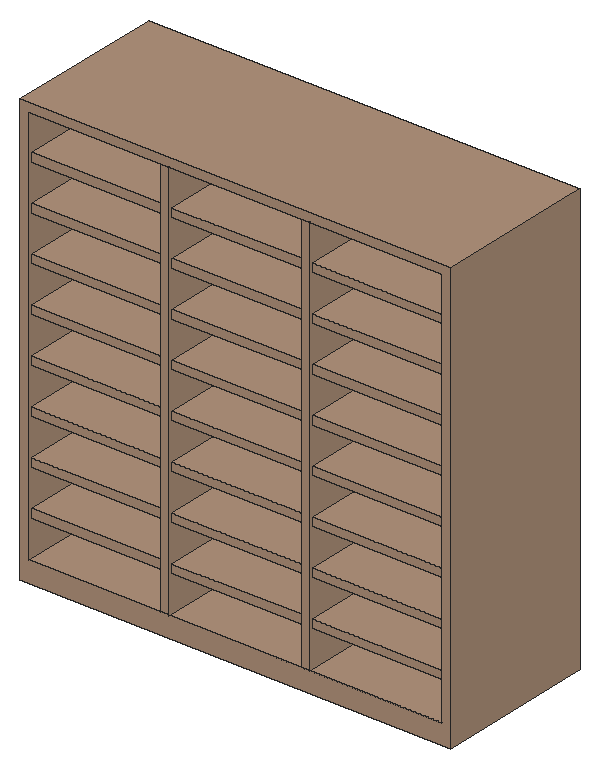
Revit family "Wall_Cabinets-Teknion-RHWP_Pigeonhole_Wall_Cabinet-R2018", category Furniture, Revit 2018
Family settings
  OmniClass Number = 23.40.20.00
  OmniClass Title = General Furniture and Specialties
  Work Plane-Based = No
  Always vertical = Yes
  Cut with Voids When Loaded = No
  Shared = Yes
  Room Calculation Point = No
Parameters (values of type "Laminate Horizontal")
  Width [instance] = 36.000"
  Warranty = "http://www.teknion.com/ca/papers/legal-canada"
  Vertical Shelf Spacing [instance] = if(Width = 12.000", 3.066", if(Width = 15.000", 2.874", if(Width = 18.000", 3.624", if(Width = 21.000", 3.359", if(Width = 24.000", 3.182", if(Width = 27.000", 3.682", if(Width = 30.000", 3.485", if(Width = 33.000", 3.337", 3.221"))))))))  # 3.221"
  Vertical Divider Cutout [instance] = if(Vertical Divider for Horizontal Shelf, 40.000", 1.000")  # 1.000"
  Vertical Divider for Horizontal Shelf [instance] = and(Horizontal Shelf, or(Width = 21.000", Width = 24.000", Width = 27.000", Width = 30.000"))  # no
  Unit Weight URL = "http://www.teknion.com/ca/tools/assets#&asset=bee6a381-b954-425e-8283-5a2de3a804f2,f828d448-4b62-4231-9e5f-9a8991c0ed77"
  URL = "www.teknion.com"
  Two Rows Vertical Shelves [instance] = and(Laminate Vertical, Height = 30.000")  # no
  Top Height [instance] = if(Height = 36.000", 90.000", 84.000")  # 90.000"
  To render please download texture images found here = "https://assets.teknion.com/web/5e81352c1dfdb467/revit-material-swatches/"
  Three Rows Vertical Shelves [instance] = and(Laminate Vertical, Height = 36.000")  # no
  Sustainability Data = "https://www.teknion.com/ca/tools/assets#&topic=216f99a5-57a0-44fc-b10a-9dee9b29ae4c&asset=444deb64-fe58-4b68-981e-f75e97781df7,b4ff2d81-9f2e-437d-9659-7cffb09c31cf"
  Shelf Finish = Source Laminate - Teknion - 3M - Provincial Oak
  Number of Vertical Shelves [instance] = if(Width = 12.000", 2, (if(Width = 15.000", 3, if(Width = 18.000", 3, if(Width = 21.000", 4, if(Width = 24.000", 5, if(Width = 27.000", 5, if(Width = 30.000", 6, if(Width = 33.000", 7, if(Width = 36.000", 8, 2))))))))))  # 8
  Material Note = if(and(Horizontal Shelf, not(Laminate Horizontal)), "Shelf Finish must be Metal Finish coordinated with Case Finish", "Shelf Finish must match Case Finish")  # "Shelf Finish must match Case Finish"
  Laminate Vertical = no
  Laminate Horizontal = yes
  Horizontal Shelf = yes
  36 Shelf Spacing [instance] = if(Laminate Horizontal, 3.110", 3.453")  # 3.110"
  36 Shelf [instance] = and(not([30 Shelf]), Horizontal Shelf)  # yes
  Shelf Thickness [instance] = if(Laminate Horizontal, 0.701", 0.315")  # 0.701"
  Series = "Modular Cabinets"  # constant formula
  Product Page URL = "https://www.teknion.com/ca/products/product-details?productLineId=217e336e-8e7a-673b-a6c8-ff00004460c4"
  Product Line = "Modular Cabinets"  # constant formula
  Product Documentation Link = "https://www.teknion.com/pricing/modular-cabinets/pdfs/RHWP_ppg.pdf"
  Part Number = "RHWP"  # constant formula
  Model = "RHWPH15____"
  Manufacturer Phone = "416-661-3370"  # constant formula
  Manufacturer Fax = "416.661.4586"  # constant formula
  Manufacturer Contact Information = "http://www.teknion.com/ca/contactus"
  Manufacturer Address = "1150 Flint Road, Toronto, ON. M3J 2J5. Canada"  # constant formula
  Manufacturer = "Teknion"  # constant formula
  How To Use Teknion Materials User Guide = "https://assets.teknion.com/m/205dd0a49fa58060/original/How-to-add-a-Material-Library-and-Texture-Images-to-your-Revit-project.pdf"
  Height [instance] = 36.000"
  For Additional Finishes please visit = "https://assets.teknion.com/m/44a8009b046e5d47/original/Teknion_Materials_Library.zip"
  Description = "Pigeonhole Wall Cabinet, Laminate Horizontal Divider Direction, 15\" Depth"
  Case Finish = Source Laminate - Teknion - 3M - Provincial Oak
  Available Widths [instance] = "12, 15, 18, 21, 24, 27, 30, 33,and 36 Inches"  # constant formula
  Available Heights [instance] = "30, and 36 Inches"  # constant formula
  Assembly Code = "E2020200"
  30 Shelf Spacing [instance] = if(Laminate Horizontal, 3.342", 3.673")  # 3.342"
  30 Shelf [instance] = and(Height = 30.000", Horizontal Shelf)  # no
  2 Vertical Divider for Horizontal Shelf [instance] = and(Horizontal Shelf, or(Width = 33.000", Width = 36.000"))  # yes
  2 Vertical Divider Cutout [instance] = if([2 Vertical Divider for Horizontal Shelf], 40.000", 1.000")  # 40.000"
Types (4): name | Two Rows Vertical Shelves | Top Height | Shelf Finish | Material Note | Laminate Vertical | Laminate Horizontal | Horizontal Shelf | 36 Shelf Spacing | 36 Shelf | Shelf Thickness | Model | Height | Description | 30 Shelf Spacing | 30 Shelf | 2 Vertical Divider for Horizontal Shelf | 2 Vertical Divider Cutout
  (no name) | no | 90.000" | Source Laminate - Teknion - 3M - Provincial Oak | "Shelf Finish must match Case Finish" | no | yes | yes | 3.110" | yes | 0.701" | "RHWPH15____" | 36.000" | "Pigeonhole Wall Cabinet, Laminate Horizontal Divider Direction, 15\" Depth" | 3.342" | no | yes | 40.000"
  Laminate Horizontal | no | 90.000" | Source Laminate - Teknion - 3M - Provincial Oak | "Shelf Finish must match Case Finish" | no | yes | yes | 3.110" | yes | 0.701" | "RHWPH15____" | 36.000" | "Pigeonhole Wall Cabinet, Laminate Horizontal Divider Direction, 15\" Depth" | 3.342" | no | yes | 40.000"
  Metal Horizontal | no | 84.000" | Paint - Teknion - Mica - Sepia Bronze | "Shelf Finish must be Metal Finish coordinated with Case Finish" | no | no | yes | 3.453" | no | 0.315" | "RHWPM15____" | 30.000" | "Pigeonhole Wall Cabinet, Metal Horizontal Divider Direction, 15\" Depth" | 3.673" | yes | yes | 40.000"
  Laminate Vertical | yes | 84.000" | Source Laminate - Teknion - 3M - Provincial Oak | "Shelf Finish must match Case Finish" | yes | no | no | 3.453" | no | 0.315" | "RHWPV15____" | 30.000" | "Pigeonhole Wall Cabinet, Laminate Vertical Divider Direction, 15\" Depth" | 3.673" | no | no | 1.000"
Reference planes (in)
  plane 1 "Center Front/Back": y = 0
  plane 2: z = 0
  plane 3 "Center Left/Right": x = 0
  plane 4 "Left": x = -18
  plane 5 "Right": x = 18
  plane 6 "Back": y = 7.5
  plane 7 "Front": y = -7.5
  plane 8 "Top": z = 90
  plane 9: y = -5.97244
  plane 10: z = 54
  plane 11: z = 55.70079
  plane 12: x = -17.64961
  plane 13: x = 17.64961
  plane 14: x = -5.8832
  plane 15: x = 5.8832
Forms (in)
  Sweep 1, solid, material "Source Laminate - Teknion - 3M - Provincial Oak" <- "Case Finish"
    path origin (0, 0, 0) x (1, 0, 0) y (0, 1, 0)
      loop
        line (0, -5.97244) -> (0, 7.5)
    profile origin (0, 0.76378, 0) x (-1, 0, 0) y (0, 0, 1)
      loop
        line (18, 90) -> (-18, 90) -> (-18, 54) -> (18, 54) -> (18, 90)
      loop
        line (17.29921, 89.29921) -> (-17.29921, 89.29921) -> (-17.29921, 55.70079) -> (17.29921, 55.70079) -> (17.29921, 89.29921)
  Sweep 2, void
    path origin (0, 0, 0) x (1, 0, 0) y (0, 0, 1)
      loop
        line (0, 54) -> (0, 54.96457)
    profile origin (0, 0, 54.48228) x (-1, 0, 0) y (0, -1, 0)
      loop
        line (17.29921, 1.97244) -> (-17.29921, 1.97244) -> (-17.29921, -6.799) -> (17.29921, -6.799) -> (17.29921, 1.97244)
  Sweep 3, solid, material "Source Laminate - Teknion - 3M - Provincial Oak" <- "Case Finish"
    path origin (0, 0, 0) x (1, 0, 0) y (0, 1, 0)
      loop
        line (0, 6.799) -> (0, 7.5)
    profile origin (0, 7.1495, 0) x (-1, 0, 0) y (0, 0, 1)
      loop
        line (18, 90) -> (-18, 90) -> (-18, 54) -> (18, 54) -> (18, 90)
  Sweep 4, solid, material "Source Laminate - Teknion - 3M - Provincial Oak" <- "Shelf Finish", visible <- "30 Shelf"
    path origin (0, 0, 0) x (1, 0, 0) y (0, 1, 0)
      loop
        line (0, -5.77559) -> (0, 6.799)
    profile origin (0, 0.5117, 0) x (-1, 0, 0) y (0, 0, 1)
      loop
        line (-17.29921, 79.95879) -> (-17.29921, 79.25779) -> (17.29921, 79.25779) -> (17.29921, 79.95879) -> (-17.29921, 79.95879)
      loop
        line (-17.29921, 75.91579) -> (-17.29921, 75.21479) -> (17.29921, 75.21479) -> (17.29921, 75.91579) -> (-17.29921, 75.91579)
      loop
        line (-17.29921, 71.87279) -> (-17.29921, 71.17179) -> (17.29921, 71.17179) -> (17.29921, 71.87279) -> (-17.29921, 71.87279)
      loop
        line (-17.29921, 67.82979) -> (-17.29921, 67.12879) -> (17.29921, 67.12879) -> (17.29921, 67.82979) -> (-17.29921, 67.82979)
      loop
        line (-17.29921, 63.78679) -> (-17.29921, 63.08579) -> (17.29921, 63.08579) -> (17.29921, 63.78679) -> (-17.29921, 63.78679)
      loop
        line (-17.29921, 59.74379) -> (-17.29921, 59.04279) -> (17.29921, 59.04279) -> (17.29921, 59.74379) -> (-17.29921, 59.74379)
  Sweep 5, solid, material "Source Laminate - Teknion - 3M - Provincial Oak" <- "Shelf Finish", visible <- "36 Shelf"
    path origin (0, 0, 0) x (1, 0, 0) y (0, 1, 0)
      loop
        line (0, -5.77559) -> (0, 6.799)
    profile origin (0, 0.5117, 0) x (-1, 0, 0) y (0, 0, 1)
      loop
        line (17.29921, 58.81079) -> (17.29921, 59.51179) -> (-17.29921, 59.51179) -> (-17.29921, 58.81079) -> (17.29921, 58.81079)
      loop
        line (17.29921, 62.62179) -> (17.29921, 63.32279) -> (-17.29921, 63.32279) -> (-17.29921, 62.62179) -> (17.29921, 62.62179)
      loop
        line (17.29921, 66.43279) -> (17.29921, 67.13379) -> (-17.29921, 67.13379) -> (-17.29921, 66.43279) -> (17.29921, 66.43279)
      loop
        line (17.29921, 70.24379) -> (17.29921, 70.94479) -> (-17.29921, 70.94479) -> (-17.29921, 70.24379) -> (17.29921, 70.24379)
      loop
        line (17.29921, 74.05479) -> (17.29921, 74.75579) -> (-17.29921, 74.75579) -> (-17.29921, 74.05479) -> (17.29921, 74.05479)
      loop
        line (17.29921, 77.86579) -> (17.29921, 78.56679) -> (-17.29921, 78.56679) -> (-17.29921, 77.86579) -> (17.29921, 77.86579)
      loop
        line (17.29921, 81.67679) -> (17.29921, 82.37779) -> (-17.29921, 82.37779) -> (-17.29921, 81.67679) -> (17.29921, 81.67679)
      loop
        line (17.29921, 85.48779) -> (17.29921, 86.18879) -> (-17.29921, 86.18879) -> (-17.29921, 85.48779) -> (17.29921, 85.48779)
  Sweep 6, solid, material "Source Laminate - Teknion - 3M - Provincial Oak" <- "Case Finish", visible <- "Vertical Divider for Horizontal Shelf"
    path origin (0, 0, 0) x (1, 0, 0) y (0, 1, 0)
      loop
        line (0, -5.97244) -> (0, 6.799)
    profile origin (0, 0.41328, 0) x (-1, 0, 0) y (0, 0, 1)
      loop
        line (0.35039, 89.29921) -> (-0.35039, 89.29921) -> (-0.35039, 55.70079) -> (0.35039, 55.70079) -> (0.35039, 89.29921)
  Sweep 7, solid, material "Source Laminate - Teknion - 3M - Provincial Oak" <- "Case Finish", visible <- "2 Vertical Divider for Horizontal Shelf"
    path origin (0, 0, 0) x (1, 0, 0) y (0, 1, 0)
      loop
        line (0, -5.97244) -> (0, 6.799)
    profile origin (0, 0.41328, 0) x (-1, 0, 0) y (0, 0, 1)
      loop
        line (-5.53281, 89.29921) -> (-6.2336, 89.29921) -> (-6.2336, 55.70079) -> (-5.53281, 55.70079) -> (-5.53281, 89.29921)
      loop
        line (6.2336, 89.29921) -> (5.53281, 89.29921) -> (5.53281, 55.70079) -> (6.2336, 55.70079) -> (6.2336, 89.29921)
  Sweep 8, void
    path origin (0, -7.5, 0) x (-1, 0, 0) y (0, 0, 1)
      loop
        line (0, 54) -> (0, 55)
    profile origin (0, -7.5, 54.5) x (-1, 0, 0) y (0, -1, 0)
      loop
        line (0.35039, -14.299) -> (0.35039, -1.52756) -> (-0.35039, -1.52756) -> (-0.35039, -14.299) -> (0.35039, -14.299)
  Sweep 9, void
    path origin (0, -7.5, 0) x (-1, 0, 0) y (0, 0, 1)
      loop
        line (0, 54) -> (0, 94)
    profile origin (0, -7.5, 74) x (-1, 0, 0) y (0, -1, 0)
      loop
        line (6.2336, -14.299) -> (6.2336, -1.52756) -> (5.53281, -1.52756) -> (5.53281, -14.299) -> (6.2336, -14.299)
      loop
        line (-5.53281, -14.299) -> (-5.53281, -1.52756) -> (-6.2336, -1.52756) -> (-6.2336, -14.299) -> (-5.53281, -14.299)
  Sweep 10, solid, material "Source Laminate - Teknion - 3M - Provincial Oak" <- "Shelf Finish", visible <- "Three Rows Vertical Shelves"
    path origin (-0.00035, 0, 0) x (1, 0, 0) y (0, 1, 0)
      loop
        line (-13.72747, -5.77559) -> (-13.72747, 6.799)
    profile origin (-13.72782, 0.5117, 0) x (-1, 0, 0) y (0, 0, 1)
      loop
        line (0.35039, 89.29921) -> (-0.35039, 89.29921) -> (-0.35039, 78.56693) -> (0.35039, 78.56693) -> (0.35039, 89.29921)
      loop
        line (0.35039, 55.70079) -> (0.35039, 66.43307) -> (-0.35039, 66.43307) -> (-0.35039, 55.70079) -> (0.35039, 55.70079)
      loop
        line (0.35039, 77.86614) -> (-0.35039, 77.86614) -> (-0.35039, 67.13386) -> (0.35039, 67.13386) -> (0.35039, 77.86614)
  Sweep 11, solid, material "Source Laminate - Teknion - 3M - Provincial Oak" <- "Shelf Finish", visible <- "Three Rows Vertical Shelves", not visible
    path origin (0, 0, 0) x (1, 0, 0) y (0, 1, 0)
      loop
        line (-13.72747, -5.77559) -> (-13.72747, 6.799)
    profile origin (-13.72747, 0.5117, 0) x (-1, 0, 0) y (0, 0, 1)
      loop
        line (0.35039, 89.29921) -> (-0.35039, 89.29921) -> (-0.35039, 78.56693) -> (0.35039, 78.56693) -> (0.35039, 89.29921)
      loop
        line (0.35039, 55.70079) -> (0.35039, 66.43307) -> (-0.35039, 66.43307) -> (-0.35039, 55.70079) -> (0.35039, 55.70079)
      loop
        line (0.35039, 77.86614) -> (-0.35039, 77.86614) -> (-0.35039, 67.13386) -> (0.35039, 67.13386) -> (0.35039, 77.86614)
  Sweep 12, solid, material "Source Laminate - Teknion - 3M - Provincial Oak" <- "Shelf Finish", visible <- "Three Rows Vertical Shelves"
    path origin (3.92144, 0, 0) x (1, 0, 0) y (0, 1, 0)
      loop
        line (-13.72747, -5.77559) -> (-13.72747, 6.799)
    profile origin (-9.80603, 0.5117, 0) x (-1, 0, 0) y (0, 0, 1)
      loop
        line (0.35039, 89.29921) -> (-0.35039, 89.29921) -> (-0.35039, 78.56693) -> (0.35039, 78.56693) -> (0.35039, 89.29921)
      loop
        line (0.35039, 55.70079) -> (0.35039, 66.43307) -> (-0.35039, 66.43307) -> (-0.35039, 55.70079) -> (0.35039, 55.70079)
      loop
        line (0.35039, 77.86614) -> (-0.35039, 77.86614) -> (-0.35039, 67.13386) -> (0.35039, 67.13386) -> (0.35039, 77.86614)
  Sweep 13, solid, material "Source Laminate - Teknion - 3M - Provincial Oak" <- "Shelf Finish", visible <- "Three Rows Vertical Shelves"
    path origin (7.84323, 0, 0) x (1, 0, 0) y (0, 1, 0)
      loop
        line (-13.72747, -5.77559) -> (-13.72747, 6.799)
    profile origin (-5.88424, 0.5117, 0) x (-1, 0, 0) y (0, 0, 1)
      loop
        line (0.35039, 89.29921) -> (-0.35039, 89.29921) -> (-0.35039, 78.56693) -> (0.35039, 78.56693) -> (0.35039, 89.29921)
      loop
        line (0.35039, 55.70079) -> (0.35039, 66.43307) -> (-0.35039, 66.43307) -> (-0.35039, 55.70079) -> (0.35039, 55.70079)
      loop
        line (0.35039, 77.86614) -> (-0.35039, 77.86614) -> (-0.35039, 67.13386) -> (0.35039, 67.13386) -> (0.35039, 77.86614)
  Sweep 14, solid, material "Source Laminate - Teknion - 3M - Provincial Oak" <- "Shelf Finish", visible <- "Three Rows Vertical Shelves"
    path origin (11.76501, 0, 0) x (1, 0, 0) y (0, 1, 0)
      loop
        line (-13.72747, -5.77559) -> (-13.72747, 6.799)
    profile origin (-1.96246, 0.5117, 0) x (-1, 0, 0) y (0, 0, 1)
      loop
        line (0.35039, 89.29921) -> (-0.35039, 89.29921) -> (-0.35039, 78.56693) -> (0.35039, 78.56693) -> (0.35039, 89.29921)
      loop
        line (0.35039, 55.70079) -> (0.35039, 66.43307) -> (-0.35039, 66.43307) -> (-0.35039, 55.70079) -> (0.35039, 55.70079)
      loop
        line (0.35039, 77.86614) -> (-0.35039, 77.86614) -> (-0.35039, 67.13386) -> (0.35039, 67.13386) -> (0.35039, 77.86614)
  Sweep 15, solid, material "Source Laminate - Teknion - 3M - Provincial Oak" <- "Shelf Finish", visible <- "Three Rows Vertical Shelves"
    path origin (15.6868, 0, 0) x (1, 0, 0) y (0, 1, 0)
      loop
        line (-13.72747, -5.77559) -> (-13.72747, 6.799)
    profile origin (1.95933, 0.5117, 0) x (-1, 0, 0) y (0, 0, 1)
      loop
        line (0.35039, 89.29921) -> (-0.35039, 89.29921) -> (-0.35039, 78.56693) -> (0.35039, 78.56693) -> (0.35039, 89.29921)
      loop
        line (0.35039, 55.70079) -> (0.35039, 66.43307) -> (-0.35039, 66.43307) -> (-0.35039, 55.70079) -> (0.35039, 55.70079)
      loop
        line (0.35039, 77.86614) -> (-0.35039, 77.86614) -> (-0.35039, 67.13386) -> (0.35039, 67.13386) -> (0.35039, 77.86614)
  Sweep 16, solid, material "Source Laminate - Teknion - 3M - Provincial Oak" <- "Shelf Finish", visible <- "Three Rows Vertical Shelves"
    path origin (19.60859, 0, 0) x (1, 0, 0) y (0, 1, 0)
      loop
        line (-13.72747, -5.77559) -> (-13.72747, 6.799)
    profile origin (5.88112, 0.5117, 0) x (-1, 0, 0) y (0, 0, 1)
      loop
        line (0.35039, 89.29921) -> (-0.35039, 89.29921) -> (-0.35039, 78.56693) -> (0.35039, 78.56693) -> (0.35039, 89.29921)
      loop
        line (0.35039, 55.70079) -> (0.35039, 66.43307) -> (-0.35039, 66.43307) -> (-0.35039, 55.70079) -> (0.35039, 55.70079)
      loop
        line (0.35039, 77.86614) -> (-0.35039, 77.86614) -> (-0.35039, 67.13386) -> (0.35039, 67.13386) -> (0.35039, 77.86614)
  Sweep 17, solid, material "Source Laminate - Teknion - 3M - Provincial Oak" <- "Shelf Finish", visible <- "Two Rows Vertical Shelves"
    path origin (0, 0, 0) x (1, 0, 0) y (0, 1, 0)
      loop
        line (-13.72782, -5.77559) -> (-13.72782, 6.799)
    profile origin (-13.72782, 0.5117, 0) x (-1, 0, 0) y (0, 0, 1)
      loop
        line (0.35039, 83.29921) -> (-0.35039, 83.29921) -> (-0.35039, 69.3937) -> (0.35039, 69.3937) -> (0.35039, 83.29921)
      loop
        line (0.35039, 68.69291) -> (-0.35039, 68.69291) -> (-0.35039, 55.70079) -> (0.35039, 55.70079) -> (0.35039, 68.69291)
  Sweep 18, solid, material "Source Laminate - Teknion - 3M - Provincial Oak" <- "Shelf Finish", visible <- "Two Rows Vertical Shelves", not visible
    path origin (0, 0, 0) x (1, 0, 0) y (0, 1, 0)
      loop
        line (-13.72782, -5.77559) -> (-13.72782, 6.799)
    profile origin (-13.72782, 0.5117, 0) x (-1, 0, 0) y (0, 0, 1)
      loop
        line (0.35039, 83.29921) -> (-0.35039, 83.29921) -> (-0.35039, 69.3937) -> (0.35039, 69.3937) -> (0.35039, 83.29921)
      loop
        line (0.35039, 68.69291) -> (-0.35039, 68.69291) -> (-0.35039, 55.70079) -> (0.35039, 55.70079) -> (0.35039, 68.69291)
  Sweep 19, solid, material "Source Laminate - Teknion - 3M - Provincial Oak" <- "Shelf Finish", visible <- "Two Rows Vertical Shelves"
    path origin (3.92179, 0, 0) x (1, 0, 0) y (0, 1, 0)
      loop
        line (-13.72782, -5.77559) -> (-13.72782, 6.799)
    profile origin (-9.80603, 0.5117, 0) x (-1, 0, 0) y (0, 0, 1)
      loop
        line (0.35039, 83.29921) -> (-0.35039, 83.29921) -> (-0.35039, 69.3937) -> (0.35039, 69.3937) -> (0.35039, 83.29921)
      loop
        line (0.35039, 68.69291) -> (-0.35039, 68.69291) -> (-0.35039, 55.70079) -> (0.35039, 55.70079) -> (0.35039, 68.69291)
  Sweep 20, solid, material "Source Laminate - Teknion - 3M - Provincial Oak" <- "Shelf Finish", visible <- "Two Rows Vertical Shelves"
    path origin (7.84357, 0, 0) x (1, 0, 0) y (0, 1, 0)
      loop
        line (-13.72782, -5.77559) -> (-13.72782, 6.799)
    profile origin (-5.88424, 0.5117, 0) x (-1, 0, 0) y (0, 0, 1)
      loop
        line (0.35039, 83.29921) -> (-0.35039, 83.29921) -> (-0.35039, 69.3937) -> (0.35039, 69.3937) -> (0.35039, 83.29921)
      loop
        line (0.35039, 68.69291) -> (-0.35039, 68.69291) -> (-0.35039, 55.70079) -> (0.35039, 55.70079) -> (0.35039, 68.69291)
  Sweep 21, solid, material "Source Laminate - Teknion - 3M - Provincial Oak" <- "Shelf Finish", visible <- "Two Rows Vertical Shelves"
    path origin (11.76536, 0, 0) x (1, 0, 0) y (0, 1, 0)
      loop
        line (-13.72782, -5.77559) -> (-13.72782, 6.799)
    profile origin (-1.96246, 0.5117, 0) x (-1, 0, 0) y (0, 0, 1)
      loop
        line (0.35039, 83.29921) -> (-0.35039, 83.29921) -> (-0.35039, 69.3937) -> (0.35039, 69.3937) -> (0.35039, 83.29921)
      loop
        line (0.35039, 68.69291) -> (-0.35039, 68.69291) -> (-0.35039, 55.70079) -> (0.35039, 55.70079) -> (0.35039, 68.69291)
  Sweep 22, solid, material "Source Laminate - Teknion - 3M - Provincial Oak" <- "Shelf Finish", visible <- "Two Rows Vertical Shelves"
    path origin (15.68715, 0, 0) x (1, 0, 0) y (0, 1, 0)
      loop
        line (-13.72782, -5.77559) -> (-13.72782, 6.799)
    profile origin (1.95933, 0.5117, 0) x (-1, 0, 0) y (0, 0, 1)
      loop
        line (0.35039, 83.29921) -> (-0.35039, 83.29921) -> (-0.35039, 69.3937) -> (0.35039, 69.3937) -> (0.35039, 83.29921)
      loop
        line (0.35039, 68.69291) -> (-0.35039, 68.69291) -> (-0.35039, 55.70079) -> (0.35039, 55.70079) -> (0.35039, 68.69291)
  Sweep 23, solid, material "Source Laminate - Teknion - 3M - Provincial Oak" <- "Shelf Finish", visible <- "Two Rows Vertical Shelves"
    path origin (19.60894, 0, 0) x (1, 0, 0) y (0, 1, 0)
      loop
        line (-13.72782, -5.77559) -> (-13.72782, 6.799)
    profile origin (5.88112, 0.5117, 0) x (-1, 0, 0) y (0, 0, 1)
      loop
        line (0.35039, 83.29921) -> (-0.35039, 83.29921) -> (-0.35039, 69.3937) -> (0.35039, 69.3937) -> (0.35039, 83.29921)
      loop
        line (0.35039, 68.69291) -> (-0.35039, 68.69291) -> (-0.35039, 55.70079) -> (0.35039, 55.70079) -> (0.35039, 68.69291)
  Sweep 24, solid, material "Source Laminate - Teknion - 3M - Provincial Oak" <- "Case Finish", visible <- "Two Rows Vertical Shelves"
    path origin (0, 0, 0) x (1, 0, 0) y (0, 1, 0)
      loop
        line (0, -5.97244) -> (0, 6.799)
    profile origin (0, 0.41328, 0) x (-1, 0, 0) y (0, 0, 1)
      loop
        line (17.29921, 69.3937) -> (-17.29921, 69.3937) -> (-17.29921, 68.69291) -> (17.29921, 68.69291) -> (17.29921, 69.3937)
  Sweep 25, solid, material "Source Laminate - Teknion - 3M - Provincial Oak" <- "Case Finish", visible <- "Three Rows Vertical Shelves"
    path origin (0, 0, 0) x (1, 0, 0) y (0, 1, 0)
      loop
        line (0, 6.799) -> (0, -5.97244)
    profile origin (0, 0.41328, 0) x (1, 0, 0) y (0, 0, 1)
      loop
        line (-17.29921, 78.56693) -> (-17.29921, 77.86614) -> (17.29921, 77.86614) -> (17.29921, 78.56693) -> (-17.29921, 78.56693)
      loop
        line (-17.29921, 67.13386) -> (-17.29921, 66.43307) -> (17.29921, 66.43307) -> (17.29921, 67.13386) -> (-17.29921, 67.13386)
  Sweep 26, solid, material "Source Laminate - Teknion - 3M - Provincial Oak" <- "Shelf Finish", visible <- "Three Rows Vertical Shelves"
    path origin (23.53038, 0, 0) x (1, 0, 0) y (0, 1, 0)
      loop
        line (-13.72747, -5.77559) -> (-13.72747, 6.799)
    profile origin (9.80291, 0.5117, 0) x (-1, 0, 0) y (0, 0, 1)
      loop
        line (0.35039, 89.29921) -> (-0.35039, 89.29921) -> (-0.35039, 78.56693) -> (0.35039, 78.56693) -> (0.35039, 89.29921)
      loop
        line (0.35039, 55.70079) -> (0.35039, 66.43307) -> (-0.35039, 66.43307) -> (-0.35039, 55.70079) -> (0.35039, 55.70079)
      loop
        line (0.35039, 77.86614) -> (-0.35039, 77.86614) -> (-0.35039, 67.13386) -> (0.35039, 67.13386) -> (0.35039, 77.86614)
  Sweep 27, solid, material "Source Laminate - Teknion - 3M - Provincial Oak" <- "Shelf Finish", visible <- "Three Rows Vertical Shelves"
    path origin (27.45216, 0, 0) x (1, 0, 0) y (0, 1, 0)
      loop
        line (-13.72747, -5.77559) -> (-13.72747, 6.799)
    profile origin (13.72469, 0.5117, 0) x (-1, 0, 0) y (0, 0, 1)
      loop
        line (0.35039, 89.29921) -> (-0.35039, 89.29921) -> (-0.35039, 78.56693) -> (0.35039, 78.56693) -> (0.35039, 89.29921)
      loop
        line (0.35039, 55.70079) -> (0.35039, 66.43307) -> (-0.35039, 66.43307) -> (-0.35039, 55.70079) -> (0.35039, 55.70079)
      loop
        line (0.35039, 77.86614) -> (-0.35039, 77.86614) -> (-0.35039, 67.13386) -> (0.35039, 67.13386) -> (0.35039, 77.86614)
  Sweep 28, solid, material "Source Laminate - Teknion - 3M - Provincial Oak" <- "Shelf Finish", visible <- "Two Rows Vertical Shelves"
    path origin (23.53072, 0, 0) x (1, 0, 0) y (0, 1, 0)
      loop
        line (-13.72782, -5.77559) -> (-13.72782, 6.799)
    profile origin (9.80291, 0.5117, 0) x (-1, 0, 0) y (0, 0, 1)
      loop
        line (0.35039, 83.29921) -> (-0.35039, 83.29921) -> (-0.35039, 69.3937) -> (0.35039, 69.3937) -> (0.35039, 83.29921)
      loop
        line (0.35039, 68.69291) -> (-0.35039, 68.69291) -> (-0.35039, 55.70079) -> (0.35039, 55.70079) -> (0.35039, 68.69291)
  Sweep 29, solid, material "Source Laminate - Teknion - 3M - Provincial Oak" <- "Shelf Finish", visible <- "Two Rows Vertical Shelves"
    path origin (27.45251, 0, 0) x (1, 0, 0) y (0, 1, 0)
      loop
        line (-13.72782, -5.77559) -> (-13.72782, 6.799)
    profile origin (13.72469, 0.5117, 0) x (-1, 0, 0) y (0, 0, 1)
      loop
        line (0.35039, 83.29921) -> (-0.35039, 83.29921) -> (-0.35039, 69.3937) -> (0.35039, 69.3937) -> (0.35039, 83.29921)
      loop
        line (0.35039, 68.69291) -> (-0.35039, 68.69291) -> (-0.35039, 55.70079) -> (0.35039, 55.70079) -> (0.35039, 68.69291)
Cuts and joins
  Sweep 2 cuts Sweep 1
  joined: Sweep 1, Sweep 3
  Sweep 8, Sweep 9 cuts Sweep 5
  Sweep 8, Sweep 9 cuts Sweep 4
Lines and regions (in)
  Masking region 1
    outline origin (0, 0, 0) x (1, 0, 0) y (0, 1, 0)
      loop
        line (-18, 7.5) -> (-18, -5.97244) -> (18, -5.97244) -> (18, 7.5) -> (-18, 7.5)
  reference lines
    curve 1: line (18, 7.5, 0) -> (18, -5.97244, 0)
    curve 2: line (-18, 7.5, 0) -> (18, 7.5, 0)
    curve 3: line (-18, 7.5, 0) -> (-18, -5.97244, 0)
    curve 69: line (18, -5.97244, 0) -> (-18, -5.97244, 0)
    curve 70: line (18, -5.97244, 0) -> (-18, -5.97244, 0)
  symbolic lines, style "FurnitureHiddenLines", detail levels medium+fine
    curve 4: line (-17.29921, 6.799, 0) -> (-17.29921, -5.97244, 0)
    curve 5: line (17.29921, 6.799, 0) -> (-17.29921, 6.799, 0)
    curve 6: line (17.29921, 6.799, 0) -> (17.29921, -5.97244, 0)
  symbolic lines, style "FurnitureHiddenLines", detail levels fine
    curve 7: line (-17.29921, -1.97244, 0) -> (17.29921, -1.97244, 0)
  symbolic lines, style "FurnitureHiddenLines", visible <- "Three Rows Vertical Shelves", detail levels medium+fine
    curve 8: line (-14.07821, 6.799, 0) -> (-14.07821, -5.77559, 0)
    curve 9: line (-13.37743, -5.77559, 0) -> (-14.07821, -5.77559, 0)
    curve 10: line (-13.37743, -5.77559, 0) -> (-13.37743, 6.799, 0)
    curve 14: line (-10.15643, 6.799, 0) -> (-10.15643, -5.77559, 0)
    curve 15: line (-9.45564, -5.77559, 0) -> (-10.15643, -5.77559, 0)
    curve 16: line (-9.45564, -5.77559, 0) -> (-9.45564, 6.799, 0)
    curve 17: line (-6.23464, 6.799, 0) -> (-6.23464, -5.77559, 0)
    curve 18: line (-5.53385, -5.77559, 0) -> (-6.23464, -5.77559, 0)
    curve 19: line (-5.53385, -5.77559, 0) -> (-5.53385, 6.799, 0)
    curve 20: line (-2.31285, 6.799, 0) -> (-2.31285, -5.77559, 0)
    curve 21: line (-1.61206, -5.77559, 0) -> (-2.31285, -5.77559, 0)
    curve 22: line (-1.61206, -5.77559, 0) -> (-1.61206, 6.799, 0)
    curve 23: line (1.60894, 6.799, 0) -> (1.60894, -5.77559, 0)
    curve 24: line (2.30972, -5.77559, 0) -> (1.60894, -5.77559, 0)
    curve 25: line (2.30972, -5.77559, 0) -> (2.30972, 6.799, 0)
    curve 26: line (5.53072, 6.799, 0) -> (5.53072, -5.77559, 0)
    curve 27: line (6.23151, -5.77559, 0) -> (5.53072, -5.77559, 0)
    curve 28: line (6.23151, -5.77559, 0) -> (6.23151, 6.799, 0)
    curve 50: line (9.45251, 6.799, 0) -> (9.45251, -5.77559, 0)
    curve 51: line (10.1533, -5.77559, 0) -> (9.45251, -5.77559, 0)
    curve 52: line (10.1533, -5.77559, 0) -> (10.1533, 6.799, 0)
    curve 53: line (13.3743, 6.799, 0) -> (13.3743, -5.77559, 0)
    curve 54: line (14.07509, -5.77559, 0) -> (13.3743, -5.77559, 0)
    curve 55: line (14.07509, -5.77559, 0) -> (14.07509, 6.799, 0)
  symbolic lines, style "FurnitureHiddenLines", visible <- "Three Rows Vertical Shelves", not visible, detail levels medium+fine
    curve 11: line (-14.07787, 6.799, 0) -> (-14.07787, -5.77559, 0)
    curve 12: line (-13.37708, -5.77559, 0) -> (-14.07787, -5.77559, 0)
    curve 13: line (-13.37708, -5.77559, 0) -> (-13.37708, 6.799, 0)
  symbolic lines, style "FurnitureHiddenLines", visible <- "Two Rows Vertical Shelves", detail levels medium+fine
    curve 29: line (-14.07821, 6.799, 0) -> (-14.07821, -5.77559, 0)
    curve 30: line (-13.37743, -5.77559, 0) -> (-14.07821, -5.77559, 0)
    curve 31: line (-13.37743, -5.77559, 0) -> (-13.37743, 6.799, 0)
    curve 35: line (-10.15643, 6.799, 0) -> (-10.15643, -5.77559, 0)
    curve 36: line (-9.45564, -5.77559, 0) -> (-10.15643, -5.77559, 0)
    curve 37: line (-9.45564, -5.77559, 0) -> (-9.45564, 6.799, 0)
    curve 38: line (-6.23464, 6.799, 0) -> (-6.23464, -5.77559, 0)
    curve 39: line (-5.53385, -5.77559, 0) -> (-6.23464, -5.77559, 0)
    curve 40: line (-5.53385, -5.77559, 0) -> (-5.53385, 6.799, 0)
    curve 41: line (-2.31285, 6.799, 0) -> (-2.31285, -5.77559, 0)
    curve 42: line (-1.61206, -5.77559, 0) -> (-2.31285, -5.77559, 0)
    curve 43: line (-1.61206, -5.77559, 0) -> (-1.61206, 6.799, 0)
    curve 44: line (1.60894, 6.799, 0) -> (1.60894, -5.77559, 0)
    curve 45: line (2.30972, -5.77559, 0) -> (1.60894, -5.77559, 0)
    curve 46: line (2.30972, -5.77559, 0) -> (2.30972, 6.799, 0)
    curve 47: line (5.53072, 6.799, 0) -> (5.53072, -5.77559, 0)
    curve 48: line (6.23151, -5.77559, 0) -> (5.53072, -5.77559, 0)
    curve 49: line (6.23151, -5.77559, 0) -> (6.23151, 6.799, 0)
    curve 56: line (9.45251, 6.799, 0) -> (9.45251, -5.77559, 0)
    curve 57: line (10.1533, -5.77559, 0) -> (9.45251, -5.77559, 0)
    curve 58: line (10.1533, -5.77559, 0) -> (10.1533, 6.799, 0)
    curve 59: line (13.3743, 6.799, 0) -> (13.3743, -5.77559, 0)
    curve 60: line (14.07509, -5.77559, 0) -> (13.3743, -5.77559, 0)
    curve 61: line (14.07509, -5.77559, 0) -> (14.07509, 6.799, 0)
  symbolic lines, style "FurnitureHiddenLines", visible <- "Two Rows Vertical Shelves", not visible, detail levels medium+fine
    curve 32: line (-14.07821, 6.799, 0) -> (-14.07821, -5.77559, 0)
    curve 33: line (-13.37743, -5.77559, 0) -> (-14.07821, -5.77559, 0)
    curve 34: line (-13.37743, -5.77559, 0) -> (-13.37743, 6.799, 0)
  symbolic lines, style "FurnitureHiddenLines", visible <- "Horizontal Shelf", detail levels medium+fine
    curve 62: line (17.29921, -5.77559, 0) -> (-17.29921, -5.77559, 0)
  symbolic lines, style "FurnitureHiddenLines", visible <- "2 Vertical Divider for Horizontal Shelf", detail levels medium+fine
    curve 63: line (-6.2336, 6.799, 0) -> (-6.2336, -5.97244, 0)
    curve 64: line (-5.53281, -5.97244, 0) -> (-5.53281, 6.799, 0)
    curve 65: line (5.53281, 6.799, 0) -> (5.53281, -5.97244, 0)
    curve 66: line (6.2336, -5.97244, 0) -> (6.2336, 6.799, 0)
  symbolic lines, style "FurnitureHiddenLines", visible <- "Vertical Divider for Horizontal Shelf", detail levels medium+fine
    curve 67: line (-0.35039, 6.799, 0) -> (-0.35039, -5.97244, 0)
    curve 68: line (0.35039, -5.97244, 0) -> (0.35039, 6.799, 0)
Dimensions and locks (in)
  "Width": plane 4 "Left" to plane 5 "Right"
  locked: plane 6 "Back" to plane 7 "Front" at 15
  "Top Height": plane 8 "Top" to level
  equal spacing: plane 4 "Left", plane 3 "Center Left/Right", plane 5 "Right"
  equal spacing: plane 6 "Back", plane 1 "Center Front/Back", plane 7 "Front"
  locked: plane 7 "Front" to plane 9 at 1.52756
  "Height": plane 8 "Top" to plane 10
  locked: Sweep 1 sketch curve to plane 4 "Left" at 0.70079
  locked: plane 8 "Top" to Sweep 1 sketch curve at 0.70079
  locked: Sweep 1 sketch curve to plane 5 "Right" at 0.70079
  locked: Sweep 1 sketch curve to plane 10 at 1.70079
  locked: Sweep 2 sketch curve to plane 10 at 0.96457
  locked: plane 6 "Back" to Sweep 2 sketch curve at 0.701
  locked: plane 4 "Left" to Sweep 2 sketch curve at 0.70079
  locked: Sweep 2 sketch curve to plane 5 "Right" at 0.70079
  locked: plane 9 to Sweep 2 sketch curve at 4
  locked: Sweep 3 sketch curve to Sweep 3 sketch curve at 0.701
  locked: plane 11 to plane 10 at 1.70079
  locked: plane 9 to Sweep 4 sketch curve at 0.19685
  locked: plane 6 "Back" to Sweep 4 sketch curve at 0.701
  Sweep 4 sketch curve to Sweep 4 sketch curve to Sweep 4 sketch curve to Sweep 4 sketch curve to Sweep 4 sketch curve to Sweep 4 sketch curve to plane 4 "Left" = 0.000" locked, 0.000" locked, 0.000" locked, 0.000" locked, 0.000" locked, 0.70079" locked
  Sweep 4 sketch curve to Sweep 4 sketch curve to Sweep 4 sketch curve to Sweep 4 sketch curve to Sweep 4 sketch curve to Sweep 4 sketch curve to plane 5 "Right" = 0.000" locked, 0.000" locked, 0.000" locked, 0.000" locked, 0.000" locked, 0.70079" locked
  "30 Shelf Spacing": Sweep 4 sketch curve to plane 11
  "30 Shelf Spacing": Sweep 4 sketch curve to Sweep 4 sketch curve  (x5)
  "Shelf Thickness": Sweep 4 sketch curve to Sweep 4 sketch curve  (x6)
  locked: plane 6 "Back" to Sweep 5 sketch curve at 0.701
  locked: plane 9 to Sweep 5 sketch curve at 0.19685
  plane 4 "Left" to Sweep 5 sketch curve to Sweep 5 sketch curve to Sweep 5 sketch curve to Sweep 5 sketch curve to Sweep 5 sketch curve to Sweep 5 sketch curve to Sweep 5 sketch curve to Sweep 5 sketch curve = 0.70079" locked, 0.000" locked, 0.000" locked, 0.000" locked, 0.000" locked, 0.000" locked, 0.000" locked, 0.000" locked
  plane 5 "Right" to Sweep 5 sketch curve to Sweep 5 sketch curve to Sweep 5 sketch curve to Sweep 5 sketch curve to Sweep 5 sketch curve to Sweep 5 sketch curve to Sweep 5 sketch curve to Sweep 5 sketch curve = 0.70079" locked, 0.000" locked, 0.000" locked, 0.000" locked, 0.000" locked, 0.000" locked, 0.000" locked, 0.000" locked
  "36 Shelf Spacing": Sweep 5 sketch curve to plane 11
  "36 Shelf Spacing": Sweep 5 sketch curve to Sweep 5 sketch curve  (x7)
  "Shelf Thickness": Sweep 5 sketch curve to Sweep 5 sketch curve  (x8)
  locked: plane 6 "Back" to Sweep 6 sketch curve at 0.701
  locked: plane 9 to Sweep 6 sketch curve at 0
  Sweep 6 sketch curve to plane 3 "Center Left/Right" to Sweep 6 sketch curve = 0.35039" locked, 0.35039" locked
  locked: plane 8 "Top" to Sweep 6 sketch curve at 0.70079
  locked: plane 4 "Left" to plane 12 at 0.35039
  locked: plane 13 to plane 5 "Right" at 0.35039
  equal spacing: plane 12, plane 14, plane 15, plane 13
  locked: plane 6 "Back" to Sweep 7 sketch curve at 0.701
  plane 8 "Top" to Sweep 7 sketch curve to Sweep 7 sketch curve = 0.70079" locked, 0.000" locked
  Sweep 7 sketch curve to plane 14 to Sweep 7 sketch curve = 0.35039" locked, 0.35039" locked
  Sweep 7 sketch curve to plane 15 to Sweep 7 sketch curve = 0.35039" locked, 0.35039" locked
  "Vertical Divider Cutout": Sweep 8 sketch curve to Sweep 8 sketch curve
  locked: plane 6 "Back" to Sweep 8 sketch curve at 0.701
  Sweep 8 sketch curve to plane 3 "Center Left/Right" to Sweep 8 sketch curve = 0.35039" locked, 0.35039" locked
  "2 Vertical Divider Cutout": Sweep 9 sketch curve to Sweep 9 sketch curve
  Sweep 9 sketch curve to plane 14 to Sweep 9 sketch curve = 0.35039" locked, 0.35039" locked
  Sweep 9 sketch curve to plane 15 to Sweep 9 sketch curve = 0.35039" locked, 0.35039" locked
  plane 6 "Back" to Sweep 9 sketch curve to Sweep 9 sketch curve = 0.701" locked, 0.000" locked
  Sweep 10 sketch curve to Sweep 10 sketch curve to Sweep 10 sketch curve to Sweep 10 sketch curve to Sweep 10 sketch curve to Sweep 10 sketch curve to profile plane = 10.73228" locked, 0.70079" locked, 10.73228" locked, 0.70079" locked, 10.73228" locked, 55.70079" locked
  Sweep 10 sketch curve to Sweep 10 sketch curve to Sweep 10 sketch curve to profile plane to Sweep 10 sketch curve to Sweep 10 sketch curve to Sweep 10 sketch curve = 0.000" locked, 0.000" locked, 0.35039" locked, 0.35039" locked, 0.000" locked, 0.000" locked
  locked: Sweep 10 sketch curve to Sweep 10 sketch curve at 12.57459
  Sweep 11 sketch curve to Sweep 11 sketch curve to Sweep 11 sketch curve to Sweep 11 sketch curve to Sweep 11 sketch curve to Sweep 11 sketch curve to profile plane = 10.73228" locked, 0.70079" locked, 10.73228" locked, 0.70079" locked, 10.73228" locked, 55.70079" locked
  Sweep 11 sketch curve to Sweep 11 sketch curve to Sweep 11 sketch curve to profile plane to Sweep 11 sketch curve to Sweep 11 sketch curve to Sweep 11 sketch curve = 0.000" locked, 0.000" locked, 0.35039" locked, 0.35039" locked, 0.000" locked, 0.000" locked
  locked: Sweep 11 sketch curve to Sweep 11 sketch curve at 12.57459
  Sweep 12 sketch curve to Sweep 12 sketch curve to Sweep 12 sketch curve to Sweep 12 sketch curve to Sweep 12 sketch curve to Sweep 12 sketch curve to profile plane = 10.73228" locked, 0.70079" locked, 10.73228" locked, 0.70079" locked, 10.73228" locked, 55.70079" locked
  Sweep 12 sketch curve to Sweep 12 sketch curve to Sweep 12 sketch curve to profile plane to Sweep 12 sketch curve to Sweep 12 sketch curve to Sweep 12 sketch curve = 0.000" locked, 0.000" locked, 0.35039" locked, 0.35039" locked, 0.000" locked, 0.000" locked
  locked: Sweep 12 sketch curve to Sweep 12 sketch curve at 12.57459
  equal spacing: group 1, group 3, group 4, group 5, group 6, group 7, group 15, group 16  (x3)
  Sweep 13 sketch curve to Sweep 13 sketch curve to Sweep 13 sketch curve to Sweep 13 sketch curve to Sweep 13 sketch curve to Sweep 13 sketch curve to profile plane = 10.73228" locked, 0.70079" locked, 10.73228" locked, 0.70079" locked, 10.73228" locked, 55.70079" locked
  Sweep 13 sketch curve to Sweep 13 sketch curve to Sweep 13 sketch curve to profile plane to Sweep 13 sketch curve to Sweep 13 sketch curve to Sweep 13 sketch curve = 0.000" locked, 0.000" locked, 0.35039" locked, 0.35039" locked, 0.000" locked, 0.000" locked
  locked: Sweep 13 sketch curve to Sweep 13 sketch curve at 12.57459
  Sweep 14 sketch curve to Sweep 14 sketch curve to Sweep 14 sketch curve to Sweep 14 sketch curve to Sweep 14 sketch curve to Sweep 14 sketch curve to profile plane = 10.73228" locked, 0.70079" locked, 10.73228" locked, 0.70079" locked, 10.73228" locked, 55.70079" locked
  Sweep 14 sketch curve to Sweep 14 sketch curve to Sweep 14 sketch curve to profile plane to Sweep 14 sketch curve to Sweep 14 sketch curve to Sweep 14 sketch curve = 0.000" locked, 0.000" locked, 0.35039" locked, 0.35039" locked, 0.000" locked, 0.000" locked
  locked: Sweep 14 sketch curve to Sweep 14 sketch curve at 12.57459
  Sweep 15 sketch curve to Sweep 15 sketch curve to Sweep 15 sketch curve to Sweep 15 sketch curve to Sweep 15 sketch curve to Sweep 15 sketch curve to profile plane = 10.73228" locked, 0.70079" locked, 10.73228" locked, 0.70079" locked, 10.73228" locked, 55.70079" locked
  Sweep 15 sketch curve to Sweep 15 sketch curve to Sweep 15 sketch curve to profile plane to Sweep 15 sketch curve to Sweep 15 sketch curve to Sweep 15 sketch curve = 0.000" locked, 0.000" locked, 0.35039" locked, 0.35039" locked, 0.000" locked, 0.000" locked
  locked: Sweep 15 sketch curve to Sweep 15 sketch curve at 12.57459
  Sweep 16 sketch curve to Sweep 16 sketch curve to Sweep 16 sketch curve to Sweep 16 sketch curve to Sweep 16 sketch curve to Sweep 16 sketch curve to profile plane = 10.73228" locked, 0.70079" locked, 10.73228" locked, 0.70079" locked, 10.73228" locked, 55.70079" locked
  Sweep 16 sketch curve to Sweep 16 sketch curve to Sweep 16 sketch curve to profile plane to Sweep 16 sketch curve to Sweep 16 sketch curve to Sweep 16 sketch curve = 0.000" locked, 0.000" locked, 0.35039" locked, 0.35039" locked, 0.000" locked, 0.000" locked
  locked: Sweep 16 sketch curve to Sweep 16 sketch curve at 12.57459
  "Vertical Shelf Spacing": cut or joined group of Sweep 5, Sweep 8, Sweep 9 to Sweep 10
  "Vertical Shelf Spacing": Sweep 10 to Sweep 12
  locked: Sweep 17 sketch curve to Sweep 17 sketch curve at 12.57459
  Sweep 17 sketch curve to Sweep 17 sketch curve to Sweep 17 sketch curve to Sweep 17 sketch curve to profile plane = 13.90551" locked, 0.70079" locked, 12.99213" locked, 55.70079" locked
  Sweep 17 sketch curve to Sweep 17 sketch curve to profile plane to Sweep 17 sketch curve to Sweep 17 sketch curve = 0.000" locked, 0.35039" locked, 0.35039" locked, 0.000" locked
  locked: Sweep 18 sketch curve to Sweep 18 sketch curve at 12.57459
  Sweep 18 sketch curve to Sweep 18 sketch curve to Sweep 18 sketch curve to Sweep 18 sketch curve to profile plane = 13.90551" locked, 0.70079" locked, 12.99213" locked, 55.70079" locked
  Sweep 18 sketch curve to Sweep 18 sketch curve to profile plane to Sweep 18 sketch curve to Sweep 18 sketch curve = 0.000" locked, 0.35039" locked, 0.35039" locked, 0.000" locked
  locked: Sweep 19 sketch curve to Sweep 19 sketch curve at 12.57459
  Sweep 19 sketch curve to Sweep 19 sketch curve to Sweep 19 sketch curve to Sweep 19 sketch curve to profile plane = 13.90551" locked, 0.70079" locked, 12.99213" locked, 55.70079" locked
  Sweep 19 sketch curve to Sweep 19 sketch curve to profile plane to Sweep 19 sketch curve to Sweep 19 sketch curve = 0.000" locked, 0.35039" locked, 0.35039" locked, 0.000" locked
  equal spacing: group 8, group 10, group 11, group 12, group 13, group 14, group 17, group 18  (x3)
  locked: Sweep 20 sketch curve to Sweep 20 sketch curve at 12.57459
  Sweep 20 sketch curve to Sweep 20 sketch curve to Sweep 20 sketch curve to Sweep 20 sketch curve to profile plane = 13.90551" locked, 0.70079" locked, 12.99213" locked, 55.70079" locked
  Sweep 20 sketch curve to Sweep 20 sketch curve to profile plane to Sweep 20 sketch curve to Sweep 20 sketch curve = 0.000" locked, 0.35039" locked, 0.35039" locked, 0.000" locked
  locked: Sweep 21 sketch curve to Sweep 21 sketch curve at 12.57459
  Sweep 21 sketch curve to Sweep 21 sketch curve to Sweep 21 sketch curve to Sweep 21 sketch curve to profile plane = 13.90551" locked, 0.70079" locked, 12.99213" locked, 55.70079" locked
  Sweep 21 sketch curve to Sweep 21 sketch curve to profile plane to Sweep 21 sketch curve to Sweep 21 sketch curve = 0.000" locked, 0.35039" locked, 0.35039" locked, 0.000" locked
  locked: Sweep 22 sketch curve to Sweep 22 sketch curve at 12.57459
  Sweep 22 sketch curve to Sweep 22 sketch curve to Sweep 22 sketch curve to Sweep 22 sketch curve to profile plane = 13.90551" locked, 0.70079" locked, 12.99213" locked, 55.70079" locked
  Sweep 22 sketch curve to Sweep 22 sketch curve to profile plane to Sweep 22 sketch curve to Sweep 22 sketch curve = 0.000" locked, 0.35039" locked, 0.35039" locked, 0.000" locked
  locked: Sweep 23 sketch curve to Sweep 23 sketch curve at 12.57459
  Sweep 23 sketch curve to Sweep 23 sketch curve to Sweep 23 sketch curve to Sweep 23 sketch curve to profile plane = 13.90551" locked, 0.70079" locked, 12.99213" locked, 55.70079" locked
  Sweep 23 sketch curve to Sweep 23 sketch curve to profile plane to Sweep 23 sketch curve to Sweep 23 sketch curve = 0.000" locked, 0.35039" locked, 0.35039" locked, 0.000" locked
  "Vertical Shelf Spacing": cut or joined group of Sweep 1, Sweep 2, Sweep 3 to Sweep 17
  "Vertical Shelf Spacing": Sweep 17 to Sweep 19
  locked: plane 6 "Back" to Sweep 24 sketch curve at 0.701
  locked: Sweep 24 sketch curve to plane 12 at 0.35039
  locked: Sweep 24 sketch curve to plane 13 at 0.35039
  Sweep 24 sketch curve to Sweep 24 sketch curve to level = 0.70079" locked, 68.69291" locked
  locked: plane 6 "Back" to Sweep 25 sketch curve at 0.701
  Sweep 25 sketch curve to Sweep 25 sketch curve to Sweep 25 sketch curve to Sweep 25 sketch curve to level = 0.70079" locked, 10.73228" locked, 0.70079" locked, 66.43307"
  Sweep 25 sketch curve to Sweep 25 sketch curve to plane 12 = 0.000" locked, 0.35039" locked
  Sweep 25 sketch curve to Sweep 25 sketch curve to plane 13 = 0.000" locked, 0.35039" locked
  Sweep 26 sketch curve to Sweep 26 sketch curve to Sweep 26 sketch curve to Sweep 26 sketch curve to Sweep 26 sketch curve to Sweep 26 sketch curve to profile plane = 10.73228" locked, 0.70079" locked, 10.73228" locked, 0.70079" locked, 10.73228" locked, 55.70079" locked
  Sweep 26 sketch curve to Sweep 26 sketch curve to Sweep 26 sketch curve to profile plane to Sweep 26 sketch curve to Sweep 26 sketch curve to Sweep 26 sketch curve = 0.000" locked, 0.000" locked, 0.35039" locked, 0.35039" locked, 0.000" locked, 0.000" locked
  locked: Sweep 26 sketch curve to Sweep 26 sketch curve at 12.57459
  Sweep 27 sketch curve to Sweep 27 sketch curve to Sweep 27 sketch curve to Sweep 27 sketch curve to Sweep 27 sketch curve to Sweep 27 sketch curve to profile plane = 10.73228" locked, 0.70079" locked, 10.73228" locked, 0.70079" locked, 10.73228" locked, 55.70079" locked
  Sweep 27 sketch curve to Sweep 27 sketch curve to Sweep 27 sketch curve to profile plane to Sweep 27 sketch curve to Sweep 27 sketch curve to Sweep 27 sketch curve = 0.000" locked, 0.000" locked, 0.35039" locked, 0.35039" locked, 0.000" locked, 0.000" locked
  locked: Sweep 27 sketch curve to Sweep 27 sketch curve at 12.57459
  locked: Sweep 28 sketch curve to Sweep 28 sketch curve at 12.57459
  Sweep 28 sketch curve to Sweep 28 sketch curve to Sweep 28 sketch curve to Sweep 28 sketch curve to profile plane = 13.90551" locked, 0.70079" locked, 12.99213" locked, 55.70079" locked
  Sweep 28 sketch curve to Sweep 28 sketch curve to profile plane to Sweep 28 sketch curve to Sweep 28 sketch curve = 0.000" locked, 0.35039" locked, 0.35039" locked, 0.000" locked
  locked: Sweep 29 sketch curve to Sweep 29 sketch curve at 12.57459
  Sweep 29 sketch curve to Sweep 29 sketch curve to Sweep 29 sketch curve to Sweep 29 sketch curve to profile plane = 13.90551" locked, 0.70079" locked, 12.99213" locked, 55.70079" locked
  Sweep 29 sketch curve to Sweep 29 sketch curve to profile plane to Sweep 29 sketch curve to Sweep 29 sketch curve = 0.000" locked, 0.35039" locked, 0.35039" locked, 0.000" locked
  aligned and locked: level to plane 2
  aligned and locked: plane 6 "Back" to Sweep 1 sketch curve
  aligned and locked: plane 3 "Center Left/Right" to Sweep 1 sketch curve
  aligned and locked: plane 4 "Left" to Sweep 1 sketch curve
  aligned and locked: Sweep 1 sketch curve to plane 8 "Top"
  aligned and locked: plane 5 "Right" to Sweep 1 sketch curve
  aligned and locked: plane 10 to Sweep 1 sketch curve
  aligned and locked: plane 9 to Sweep 1 sketch curve
  aligned and locked: plane 10 to Sweep 2 sketch curve
  aligned and locked: plane 3 "Center Left/Right" to Sweep 2 sketch curve
  aligned and locked: plane 6 "Back" to Sweep 3 sketch curve
  aligned and locked: plane 3 "Center Left/Right" to Sweep 3 sketch curve
  aligned and locked: plane 4 "Left" to Sweep 3 sketch curve
  aligned and locked: Sweep 3 sketch curve to plane 8 "Top"
  aligned and locked: plane 5 "Right" to Sweep 3 sketch curve
  aligned and locked: plane 10 to Sweep 3 sketch curve
  aligned and locked: plane 5 "Right" to curve 1
  aligned and locked: curve 2 to plane 6 "Back"
  aligned and locked: curve 3 to plane 4 "Left"
  aligned and locked: Masking region 1 sketch curve to plane 6 "Back"
  aligned and locked: plane 4 "Left" to Masking region 1 sketch curve
  aligned and locked: plane 5 "Right" to Masking region 1 sketch curve
  aligned and locked: Masking region 1 sketch curve to plane 9
  aligned and locked: curve 6 to cut or joined group of Sweep 1, Sweep 2, Sweep 3
  aligned and locked: curve 7 to cut or joined group of Sweep 1, Sweep 2, Sweep 3
  aligned and locked: plane 3 "Center Left/Right" to Sweep 4 sketch curve
  aligned and locked: plane 3 "Center Left/Right" to Sweep 5 sketch curve
  aligned and locked: plane 3 "Center Left/Right" to Sweep 6 sketch curve
  aligned and locked: plane 11 to Sweep 6 sketch curve
  aligned and locked: plane 9 to Sweep 7 sketch curve
  aligned and locked: plane 3 "Center Left/Right" to Sweep 7 sketch curve
  aligned and locked: Sweep 7 sketch curve to plane 11  (x2)
  aligned and locked: plane 10 to Sweep 8 sketch curve
  aligned and locked: plane 9 to Sweep 8 sketch curve
  aligned and locked: plane 3 "Center Left/Right" to Sweep 9 sketch curve
  aligned and locked: plane 10 to Sweep 9 sketch curve
  aligned and locked: Sweep 9 sketch curve to plane 9  (x2)
  aligned and locked: cut or joined group of Sweep 5, Sweep 8, Sweep 9 to Sweep 10
  aligned and locked: cut or joined group of Sweep 1, Sweep 2, Sweep 3 to Sweep 17
  aligned and locked: plane 3 "Center Left/Right" to Sweep 24 sketch curve
  aligned and locked: plane 9 to Sweep 24 sketch curve
  aligned and locked: plane 9 to Sweep 25 sketch curve
  aligned and locked: Sweep 25 sketch curve to plane 3 "Center Left/Right"
  aligned and locked: curve 62 to cut or joined group of Sweep 5, Sweep 8, Sweep 9
  aligned and locked: curve 63 to Sweep 7
  aligned and locked: curve 64 to Sweep 7
  aligned and locked: curve 65 to Sweep 7
  aligned and locked: curve 66 to Sweep 7
  aligned and locked: curve 67 to Sweep 6
  aligned and locked: curve 68 to Sweep 6
  aligned and locked: curve 70 to plane 9
Automatic sketch dimensions
  plane 9 to curve 4 = 0.000"
  plane 9 to curve 6 = 0.000"
  plane 4 "Left" to curve 5 = 0.70079"
  curve 5 to plane 6 "Back" = 0.701"
  Sweep 8 sketch curve to plane 3 "Center Left/Right" = 0.000"
  plane 9 to curve 63 = 0.000"
  plane 9 to curve 64 = 0.000"
  plane 9 to curve 65 = 0.000"
  plane 9 to curve 66 = 0.000"
  plane 9 to curve 67 = 0.000"
  plane 9 to curve 68 = 0.000"
